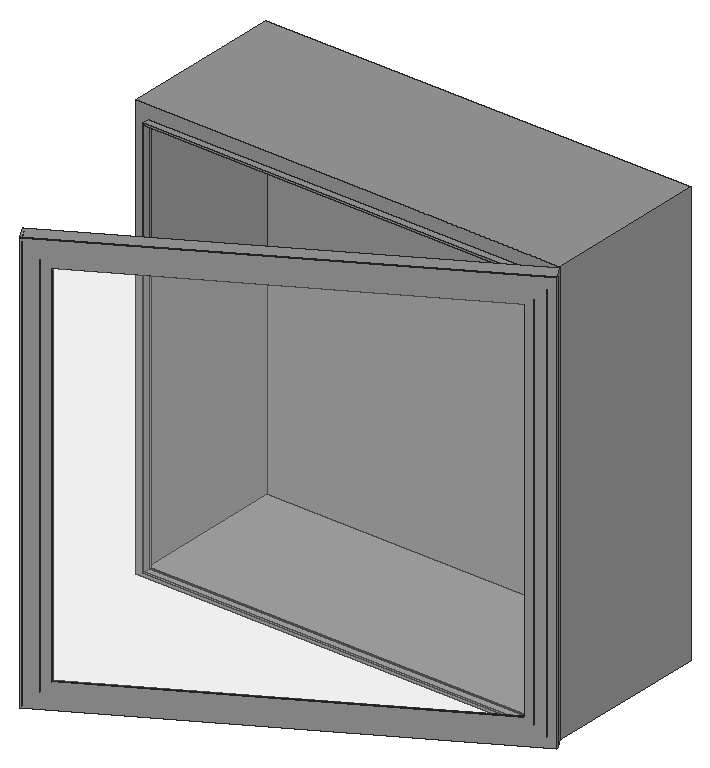
Revit family "Hager-Orion_Inox-IP66-D210-Cl.I-Inox_encl-630A-500mm-NoHosted-CH-fr", category Equipement électrique, Revit 2020
Family settings
  Configuration du panneau = Deux colonnes, circuits au sein
  Cote de connecteur circulaire = Utiliser le diamètre
  Type d'élément = Tableau de raccordement
  Basée sur le plan de construction = Oui
  Toujours verticalement = Oui
  Couper avec des vides une fois chargée = Non
  Partagée = Non
  Point de calcul de pièce = Non
Parameters (values of type "saillie IP66 L500 H500 P210  - FL023TWL")
  Width Control [instance] = if([EF000008 - largeur] > Min Width, [EF000008 - largeur], Min Width)  # 500 mm
  Commentaires du type = [HG000003 - Gamme]  # "Orion Inox"
  Thickness Door [instance] = if([EF009171 - épaisseur de matériau de la porte/du couvercle] > 3 mm, 3 mm, [EF009171 - épaisseur de matériau de la porte/du couvercle])  # 1.5 mm
  Seal Frame Offset [instance] = 17 mm  # constant formula
  Min Width [instance] = 100 mm  # constant formula
  Min Depth [instance] = (2 * [EF009170 - épaisseur de matériau du boîtier]) + 1 mm  # 4 mm
  Min Height [instance] = 100 mm  # constant formula
  Internal Frame Depth [instance] = -(Door System Depth * 0.5)  # -9 mm
  Panel Name [instance] = ""  # (empty or 0)
  Model = ""
  HG000027 - Hauteur du socle = 0 mm
  HG000026 - Installation au sol = no
  HG000024 - Hauteur de la section basse = 600 mm
  HG000023 - Armoire double section = no
  HG000016 - Visibilité de la porte 3D [instance] = yes
  HG000015 - Visibilité de l'emprise de la porte [instance] = no
  HG000014 - Porte à droite [instance] = yes
  HG000013 - Porte à gauche [instance] = not([HG000014 - Porte à droite])  # no
  HG000012 - Angle de pivotement de la porte [instance] = 30.00°
  HG000010 - Portes asymétriques = no
  HG000009 - Porte à double battant = no
  HG000006 - Encastré = no
  HG000004 - Référence fabricant = "FL023TWL"
  HG000003 - Gamme = "Orion Inox"
  HG000002 - avec porte = yes
  Frame Offset Bottom [instance] = 10 mm  # constant formula
  Frame Offset [instance] = 15 mm  # constant formula
  EF015940 - couvercle avec décharge de pression = no
  EF011959 - degré de protection (NEMA) = ""
  EF009554 - nombre d'ouvertures pour plaques à bride = 0
  EF009212 - finition du couvercle = "EV000116 - fermé"
  EF009171 - épaisseur de matériau de la porte/du couvercle = 1.5 mm
  EF009170 - épaisseur de matériau du boîtier = 1.5 mm
  EF008873 - courant nominal (In) = 630 A
  EF007800 - adapté à un parafoudre = no
  EF006306 - avec serrure = yes
  EF006244 - couvercle/porte transparent(e) = yes
  EF005474 - indice de protection (IP) = "EV006422 - IP66"
  EF004464 - type de porte = "EV002646 - unique"
  EF004427 - nombre de modules = 0
  EF004293 - indice de protection contre les chocs (IK) = "EV006814 - IK08"
  EF003532 - convient pour utilisation à l’extérieur = yes
  EF002950 - largeur en nombre de modules = 0
  EF001613 - maintien de fonction = "EV000494 - sans"
  EF001596 - matériau du boîtier/corps = "EV000166 - acier inoxydable"
  EF001131 - profondeur intérieure = 176 mm
  EF001088 - possibilité de montage en saillie = yes
  EF000437 - nombre d'entrées de conduit = 0
  EF000339 - type de capot = "EV004216 - porte"
  EF000266 - nombre de rangées = 0
  EF000218 - profondeur d'encastrement = 0 mm
  EF000118 - avec cadre/support de montage = no
  EF000116 - numéro RAL = ""
  EF000049 - profondeur = 210 mm
  EF000040 - hauteur = 500 mm
  EF000008 - largeur = 500 mm
  EF000007 - couleur = "EV000154 - autre"
  EF000003 - mode de pose = "EV000384 - saillie"
  Door System Leaf Tolerance [instance] = 1.5 mm  # constant formula
  Door System Depth [instance] = 18 mm  # constant formula
  Description = ""
  Default Elevation = 1219.2 mm
  Connector Offset [instance] = Height Control / 2  # 250 mm
  Fabricant = "Hager"  # constant formula
  Height Control [instance] = if([EF000040 - hauteur] > Min Height, [EF000040 - hauteur], Min Height)  # 500 mm
  Depth Control [instance] = if([EF000049 - profondeur] > Min Depth, [EF000049 - profondeur], Min Depth)  # 210 mm
Types (8, lengths in mm): name | Width Control | HG000004 - Référence fabricant | EF009212 - finition du couvercle | EF006306 - avec serrure | EF006244 - couvercle/porte transparent(e) | EF004293 - indice de protection contre les chocs (IK) | EF001613 - maintien de fonction | EF000008 - largeur
  saillie IP66 L400 H500 P210  - FL021BW | 400 | "FL021BW" | "EV009916 - avec échancrure" | no | no | "EV008784 - IK10" | "" | 400
  saillie IP66 L400 H500 P210  - FL021BWL | 400 | "FL021BWL" | "EV009916 - avec échancrure" | no | no | "EV008784 - IK10" | "" | 400
  saillie IP66 L400 H500 P210  - FL021TW | 400 | "FL021TW" | "EV000116 - fermé" | yes | yes | "EV006814 - IK08" | "EV000494 - sans" | 400
  saillie IP66 L400 H500 P210  - FL021TWL | 400 | "FL021TWL" | "EV000116 - fermé" | yes | yes | "EV006814 - IK08" | "EV000494 - sans" | 400
  saillie IP66 L500 H500 P210  - FL023BW | 500 | "FL023BW" | "EV000116 - fermé" | yes | no | "EV008784 - IK10" | "EV000494 - sans" | 500
  saillie IP66 L500 H500 P210  - FL023BWL | 500 | "FL023BWL" | "EV000116 - fermé" | yes | no | "EV008784 - IK10" | "EV000494 - sans" | 500
  saillie IP66 L500 H500 P210  - FL023TW | 500 | "FL023TW" | "EV000116 - fermé" | yes | yes | "EV006814 - IK08" | "EV000494 - sans" | 500
  saillie IP66 L500 H500 P210  - FL023TWL | 500 | "FL023TWL" | "EV000116 - fermé" | yes | yes | "EV006814 - IK08" | "EV000494 - sans" | 500
Reference planes
  plane 1 "Center (Front/Back)": y = 0
  plane 2: z = 0
  plane 3 "Center (Left/Right)": x = 0
  plane 4: y = 0
  plane 5: y = 0
  plane 6: z = 0
  plane 7: x = -250
  plane 8: x = 250
  plane 9: x = 248.5
  plane 10: x = -248.5
  plane 11: z = 0
  plane 12: z = 1.5
  plane 13: y = -210
  plane 14: y = -1.5
  plane 15: x = 0
  plane 16: y = -192
  plane 17: y = -208.5
  plane 18: y = -190.5
  plane 19: x = -233.5
  plane 20: x = 233.5
  plane 21: z = 11.5
  plane 22: x = -233
  plane 23: x = 233
  plane 24: z = 0
  plane 25: z = 500
  plane 26: z = 500
  plane 27: z = 483.5
  plane 28: z = 498.5
Forms (mm)
  Extrusion 1, solid, material "Hager_Stainless_Steel", detail levels medium+fine
    sketch origin (-208.679, -4572, 0) x (-1, 0, 0) y (0, -1, 0)
      loop
        line (41.321, -4380) -> (-458.679, -4380) -> (-458.679, -4572) -> (41.321, -4572) -> (41.321, -4380)
    from 0 to 500
  Extrusion 2, void
    sketch origin (-350.771, -210, 1219.2) x (1, 0, 0) y (0, 0, 1)
      loop
        line (102.271, -720.7) -> (102.271, -1217.7) -> (599.271, -1217.7) -> (599.271, -720.7) -> (102.271, -720.7)
    from -19.5 to -208.5
  Extrusion 3, void
    sketch origin (-290.084, -192, 1219.2) x (1, 0, 0) y (0, 0, 1)
      loop
        line (56.584, -1207.7) -> (523.584, -1207.7) -> (523.584, -735.7) -> (56.584, -735.7) -> (56.584, -1207.7)
    from 0 to -1.5
  Extrusion 4, solid, material "Hager_Stainless_Steel", detail levels fine
    sketch origin (-290.084, -192, 1219.2) x (-1, 0, 0) y (0, 0, 1)
      loop
        line (-523.584, -1207.7) -> (-56.584, -1207.7) -> (-56.584, -735.7) -> (-523.584, -735.7) -> (-523.584, -1207.7)
      loop
        line (-525.084, -1209.2) -> (-55.084, -1209.2) -> (-55.084, -734.2) -> (-525.084, -734.2) -> (-525.084, -1209.2)
    from 0 to -9 <- "Internal Frame Depth"
  Extrusion 5, solid, material "Hager_Stainless_Steel", detail levels coarse
    sketch origin (0, 0, 0) x (1, 0, 0) y (0, 1, 0)
      loop
        line (-250, 0) -> (-250, -210) -> (250, -210) -> (250, 0) -> (-250, 0)
    from 0 to 500 <- "Height Control"
Cuts and joins
  Extrusion 2, Extrusion 3 cuts Extrusion 1
Lines and regions (mm)
  Masking region 1
    outline origin (0, 0, 0) x (1, 0, 0) y (0, 1, 0)
      loop
        line (-250, 0) -> (-250, -210) -> (250, -210) -> (250, 0) -> (-250, 0)
  Masking region 2
    outline origin (-290.084, -192, 1219.2) x (-1, 0, 0) y (0, 0, 1)
      loop
        line (-540.084, -1219.2) -> (-40.084, -1219.2) -> (-40.084, -719.2) -> (-540.084, -719.2) -> (-540.084, -1219.2)
  Masking region 3, detail levels coarse
    outline origin (0, 0, 0) x (0, 1, 0) y (0, 0, 1)
      loop
        line (0, 0) -> (0, 500) -> (-210, 500) -> (-210, 0) -> (0, 0)
  Masking region 4, detail levels medium+fine
    outline origin (0, 0, 594.038) x (0, 1, 0) y (0, 0, 1)
      loop
        line (0, -594.038) -> (0, -94.038) -> (-192, -94.038) -> (-192, -594.038) -> (0, -594.038)
Dimensions and locks
  locked: plane 1 "Center (Front/Back)" to plane 5
  "EF009170 - épaisseur de matériau du boîtier": plane 7 to plane 10
  "EF009170 - épaisseur de matériau du boîtier": plane 8 to plane 9
  equal spacing: plane 7, plane 3 "Center (Left/Right)", plane 8
  "Width Control": plane 7 to plane 8
  "Depth Control": plane 4 to plane 13
  "EF009170 - épaisseur de matériau du boîtier": plane 4 to plane 14
  "Height Control": plane 25 to level
  "EF009170 - épaisseur de matériau du boîtier": plane 12 to plane 11
  "EF009170 - épaisseur de matériau du boîtier": plane 17 to plane 13
  "EF009170 - épaisseur de matériau du boîtier": plane 18 to plane 16
  "Frame Offset Bottom": plane 21 to plane 12
  "Frame Offset": plane 10 to plane 19
  "Frame Offset": plane 9 to plane 20
  "Door System Depth": plane 16 to plane 13
  "Seal Frame Offset": plane 7 to plane 22
  "Seal Frame Offset": plane 8 to plane 23
  "EF009170 - épaisseur de matériau du boîtier": plane 26 to plane 28
  "Frame Offset": plane 28 to plane 27
  "Connector Offset": plane 2 to connector elem
  "Thickness Door": cut or joined group of Extrusion 1, Extrusion 2, Extrusion 3 to Extrusion 4 sketch curve
  "Thickness Door": Extrusion 4 sketch curve to plane 19
  "Thickness Door": Extrusion 4 sketch curve to plane 20
  "Thickness Door": Extrusion 4 sketch curve to plane 27
  aligned and locked: Extrusion 2 sketch curve to plane 12
  aligned and locked: Extrusion 2 sketch curve to plane 9
  aligned and locked: Extrusion 2 sketch curve to plane 10
  aligned and locked: plane 14 to Extrusion 2
  aligned and locked: plane 4 to Extrusion 1 sketch curve
  aligned and locked: plane 8 to Extrusion 1 sketch curve
  aligned and locked: plane 7 to Extrusion 1 sketch curve
  aligned and locked: Extrusion 2 to plane 18
  aligned and locked: plane 19 to Extrusion 3 sketch curve
  aligned and locked: plane 20 to Extrusion 3 sketch curve
  aligned and locked: Extrusion 3 to Extrusion 2
  aligned and locked: Extrusion 3 sketch curve to plane 21
  aligned and locked: plane 3 "Center (Left/Right)" to nested 1
  aligned and locked: Extrusion 1 sketch curve to plane 16
  aligned and locked: Masking region 1 sketch curve to plane 7
  aligned and locked: Masking region 1 sketch curve to plane 5
  aligned and locked: Masking region 1 sketch curve to plane 8
  aligned and locked: Masking region 2 sketch curve to level
  aligned and locked: level to Masking region 3 sketch curve
  aligned and locked: plane 1 "Center (Front/Back)" to Masking region 3 sketch curve
  aligned and locked: plane 13 to Masking region 3 sketch curve
  aligned and locked: Masking region 2 sketch curve to plane 8
  aligned and locked: Masking region 2 sketch curve to plane 7
  aligned and locked: plane 7 to nested 2
  aligned and locked: nested 2 to plane 5
  aligned and locked: plane 5 to Masking region 4 sketch curve
  aligned and locked: plane 26 to Masking region 4 sketch curve
  aligned and locked: Extrusion 5 sketch curve to plane 8
  aligned and locked: Extrusion 5 sketch curve to plane 7
  aligned and locked: Extrusion 5 sketch curve to plane 5
  aligned and locked: Extrusion 3 sketch curve to plane 27
  aligned and locked: Extrusion 2 sketch curve to plane 28
  aligned and locked: Extrusion 4 sketch curve to plane 27
  aligned and locked: Extrusion 4 sketch curve to plane 20
  aligned and locked: Extrusion 4 sketch curve to plane 21
  aligned and locked: Extrusion 4 sketch curve to plane 19
  aligned and locked: Masking region 2 to plane 25
  aligned and locked: Masking region 4 sketch curve to plane 24
  aligned and locked: Masking region 1 to plane 13
  aligned and locked: nested 1 to plane 16
  aligned and locked: Masking region 3 to plane 25
  aligned and locked: Masking region 4 sketch curve to plane 16
  aligned and locked: plane 24 to plane 11
  aligned and locked: plane 26 to plane 25
  aligned and locked: level to plane 24
  aligned and locked: Extrusion 1 to Masking region 3
  aligned and locked: level to nested 1
Automatic sketch dimensions
  Extrusion 5 sketch curve to plane 13 = 0 mm
  plane 27 to Masking region 2 sketch curve = 16.5 mm
  plane 27 to Masking region 3 sketch curve = 16.5 mm
  Masking region 1 sketch curve to plane 13 = 0 mm
  Extrusion 3 sketch curve to plane 21 = 0 mm
  plane 19 to Extrusion 3 sketch curve = 0 mm
  Extrusion 3 sketch curve to plane 20 = 0 mm
Nested families
  nested 1: "EC000058_OrionInox_Door" at (0, -192, 0), Double <- "HG000009 - Porte à double battant", Transparent <- "EF006244 - couvercle/porte transparent(e)", Angle <- "HG000012 - Angle de pivotement de la porte", Door_Right <- "HG000014 - Porte à droite", Assymetrical <- "HG000010 - Portes asymétriques", Door <- "HG000002 - avec porte", Width_Ctrl <- "Width Control", 3d_Door <- "HG000016 - Visibilité de la porte 3D", Clearance <- "HG000015 - Visibilité de l'emprise de la porte", Door_Left <- "HG000013 - Porte à gauche", Width <- "Width Control", Door_Depth <- "Door System Depth", Leaf_Tolerance <- "Door System Leaf Tolerance", Height <- "Height Control", Thickness <- "Thickness Door", type "EC000058_OrionInox_Door", detail levels medium+fine
    with min_wh 4 mm, Width_Ctrl 500 mm, Width 500 mm, Transparent yes, Thickness 1.5 mm, Seal_Material Hager_Rubber, Leaf_Width 500 mm, Leaf_Tolerance_External_Sides 0 mm, Leaf_Tolerance 1.5 mm, Leaf_Offset 0 mm, Leaf_Height 497 mm, Leaf_2_Width 500 mm, Leaf_2_Offset 250 mm, Leaf_1_Width 500 mm, Leaf_1_Offset 250 mm, Height_Ctrl 500 mm, Height 500 mm, Glass_Material Hager_Glass, Double_Clearance_Ctrl no, Double no, Door_Right_Ctrl yes, Door_Right yes, Door_Material Hager_Stainless_Steel, Door_Left_Ctrl no, Door_Left no, Door_Depth 18 mm, Door yes, Clearance_Material Hager_Clearance, Clearance_Depth 500 mm, Clearance_Ctrl no, Clearance no, Assymetrical no, Angle 30.00°, 3d_Door yes
  nested 2: "Hager_Enclosure_Symbol" at (-250, 0, 0), Height <- "Depth Control", Width <- "Width Control", type "Hager_Enclosure_Symbol"
    with Width_Ctrl 500 mm, Width 500 mm, Height_Ctrl 210 mm, Height 210 mm, A_Width_Int 13.781 mm, A_Width 165.375 mm, A_Height_Ctrl 183.75 mm, A_Height 183.75 mm
Connectors
  electrical at (0, 0, 250)
    settings: on plane 1 "Center (Front/Back)", index 1, voltage 0 V, apparent load 0 VA, apparent load phase1 0 VA, apparent load phase2 0 VA, apparent load phase3 0 VA, power factor 1, load classification "Other", number of poles 1, system type 30, power factor state 1, is connector primary yes, connector utility no, sub classification motor no, connector description ""
Definition of nested family "EC000058_OrionInox_Door"
  Parameters (values of type "EC000058_OrionInox_Door")
    min_wh [instance] = (2 * Thickness) + 1 mm  # 11 mm
    Width_Ctrl [instance] = 400 mm
    Width [instance] = 500 mm
    Transparent [instance] = yes
    Thickness [instance] = 5 mm
    Seal_Material [instance] = none
    Leaf_Width [instance] = if((Width_Ctrl - 2 * Leaf_Tolerance_External_Sides) > 0 mm, (Width_Ctrl - 2 * Leaf_Tolerance_External_Sides), min_wh)  # 400 mm
    Leaf_Tolerance_External_Sides [instance] = 0 mm  # constant formula
    Leaf_Tolerance [instance] = 1.5 mm
    Leaf_Offset [instance] = 0 mm  # constant formula
    Leaf_Height [instance] = if((Height_Ctrl - 2 * Leaf_Tolerance) > 0 mm, (Height_Ctrl - 2 * Leaf_Tolerance), min_wh)  # 497 mm
    Leaf_2_Width [instance] = if(and(and(Double, Assymetrical), Door_Left), (Leaf_Width / 3) - (Leaf_Tolerance / 2), if(and(and(Double, Assymetrical), Door_Right), (Leaf_Width / 3) * 2 - (Leaf_Tolerance / 2), if(and(Double, not(Assymetrical)), (Leaf_Width / 2) - Leaf_Tolerance, Leaf_Width)))  # 400 mm
    Leaf_2_Offset [instance] = if(and(Double, Assymetrical), Leaf_2_Width / 2, if(and(Double, not(Assymetrical)), Leaf_Width / 4, Leaf_Width / 2))  # 200 mm
    Leaf_1_Width [instance] = if(and(and(Double, Assymetrical), Door_Right), (Leaf_Width / 3) - (Leaf_Tolerance / 2), if(and(and(Double, Assymetrical), Door_Left), (Width / 3) * 2 - (Leaf_Tolerance / 2), if(and(Double, not(Assymetrical)), (Leaf_Width / 2) - Leaf_Tolerance, Leaf_Width)))  # 400 mm
    Leaf_1_Offset [instance] = if(and(Double, Assymetrical), Leaf_1_Width / 2, if(and(Double, not(Assymetrical)), Leaf_Width / 4, Leaf_Width / 2))  # 200 mm
    Height_Ctrl [instance] = if(Height > min_wh, Height, min_wh)  # 500 mm
    Height [instance] = 500 mm
    Glass_Material [instance] = none
    Double_Clearance_Ctrl [instance] = and(Double, Clearance)  # no
    Double [instance] = no
    Door_Right_Ctrl [instance] = and(or(Door_Right, Double), Door)  # yes
    Door_Right [instance] = yes
    Door_Material [instance] = none
    Door_Left_Ctrl [instance] = and(or(Door_Left, Double), Door)  # no
    Door_Left [instance] = no
    Door_Depth [instance] = 30 mm
    Door [instance] = yes
    Default Elevation = 1219.2 mm
    Clearance_Material [instance] = none
    Clearance_Depth [instance] = if(Leaf_1_Width > Leaf_2_Width, Leaf_1_Width, Leaf_2_Width)  # 400 mm
    Clearance_Ctrl [instance] = and(not(Double), Clearance)  # yes
    Clearance [instance] = yes
    Assymetrical [instance] = yes
    Angle [instance] = 30.00°
    3d_Door [instance] = yes
  Reference planes
    plane 1 "Center (Front/Back)": y = 0
    plane 2 "Bottom": z = 0
    plane 3 "Center (Left/Right)": x = 0
    plane 4: z = 500
    plane 5: x = -200
    plane 6: x = 200
    plane 7: z = 500
    plane 8: x = -200
    plane 9: z = 0
    plane 10: x = 200
    plane 11: y = 0
    plane 12: z = 1.5
    plane 13: x = -600
    plane 14: y = -400
    plane 15: x = 600
    plane 16: x = 0
    plane 17: x = 0
    plane 18: x = -200
    plane 19: x = 200
    plane 20: z = 498.5
  Forms (mm)
    Extrusion 1, solid, material <- "Clearance_Material", visible <- "Double_Clearance_Ctrl"
      sketch origin (1200, 0, 0) x (1, 0, 0) y (0, 0, -1)
        loop
          line (-1800, -498.5) -> (-600, -498.5) -> (-600, 0) -> (-1800, 0) -> (-1800, -498.5)
      from 0 to -400
  Dimensions and locks
    equal spacing: plane 5, plane 3 "Center (Left/Right)", plane 6
    "Width_Ctrl": plane 5 to plane 6
    "Leaf_Offset": plane 5 to plane 8
    "Leaf_Offset": plane 6 to plane 10
    "Leaf_Offset": plane 9 to level
    "Leaf_Offset": plane 4 to plane 7
    "Height_Ctrl": plane 4 to level
    "Leaf_Tolerance": plane 12 to plane 9
    locked: plane 11 to plane 1 "Center (Front/Back)"
    "Leaf_1_Offset": plane 18 to plane 16
    "Leaf_2_Offset": plane 17 to plane 19
    "Leaf_1_Width": plane 13 to plane 8
    "Leaf_2_Width": plane 10 to plane 15
    "Clearance_Depth": plane 14 to plane 1 "Center (Front/Back)"
    "Leaf_Tolerance_External_Sides": plane 8 to plane 18
    "Leaf_Tolerance_External_Sides": plane 19 to plane 10
    "Leaf_Tolerance": plane 7 to plane 20
    aligned and locked: level to plane 2 "Bottom"
    aligned and locked: nested 1 to plane 16
    aligned and locked: nested 2 to plane 17
    aligned and locked: Extrusion 1 to plane 13
    aligned and locked: plane 15 to Extrusion 1
    aligned and locked: Extrusion 1 to plane 14
    aligned and locked: plane 12 to nested 1
    aligned and locked: nested 2 to plane 12
    aligned and locked: Extrusion 1 to plane 11
    aligned and locked: plane 20 to Extrusion 1
    aligned and locked: nested 2 to plane 11
    aligned and locked: nested 1 to plane 11
  Automatic sketch dimensions
    Extrusion 1 sketch curve to level = 0 mm
    plane 5 to Extrusion 1 sketch curve = 400 mm
    plane 6 to Extrusion 1 sketch curve = 400 mm
    Extrusion 1 sketch curve to plane 4 = 1.5 mm
  Nested families
    nested 1: "EC000058_OrionInox_Door_Leaf" at (0, 0, 1.5), Width <- "Leaf_1_Width", visible <- "Door_Left_Ctrl", Leaf_Height <- "Leaf_Height", Angle <- "Angle", 3d_Door <- "3d_Door", Transparent <- "Transparent", Clearance Material <- "Clearance_Material", Clearance <- "Clearance_Ctrl", Door_Material <- "Door_Material", Glass_Material <- "Glass_Material", Door_Depth <- "Door_Depth", Seal_Material <- "Seal_Material", Thickness <- "Thickness", type "EC000058_OrionInox_Door_Leaf"
      with Width 400 mm, Transparent_Ctrl yes, Transparent yes, Thickness 5 mm, Standard no, Seal_Material none, Seal_D2 8 mm, Seal_D1 1 mm, Offset_Internal_Frame 10 mm, Lock_Width 28 mm, Lock_Thickness 2 mm, Lock_Radius 6 mm, Leaf_Height 497 mm, Internal_Seal_Thickness 8 mm, Internal_Seal_Depth_2 4.5 mm, Internal_Frame_Depth 25 mm, Glass_Thickness -1 mm, Glass_Offset -2 mm, Glass_Material none, Door_Material none, Door_Depth 30 mm, Clearance Material none, Clearance yes, Angle_Ctrl 30.00°, Angle 30.00°, 3d_Door yes
    nested 2: "EC000058_OrionInox_Door_Leaf" at (0, 0, 1.5) x (-1, 0, 0) z (0, 0, 1), Width <- "Leaf_2_Width", visible <- "Door_Right_Ctrl", Leaf_Height <- "Leaf_Height", Angle <- "Angle", 3d_Door <- "3d_Door", Transparent <- "Transparent", Clearance Material <- "Clearance_Material", Clearance <- "Clearance_Ctrl", Door_Material <- "Door_Material", Glass_Material <- "Glass_Material", Door_Depth <- "Door_Depth", Seal_Material <- "Seal_Material", Thickness <- "Thickness", type "EC000058_OrionInox_Door_Leaf"
      with Width 400 mm, Transparent_Ctrl yes, Transparent yes, Thickness 5 mm, Standard no, Seal_Material none, Seal_D2 8 mm, Seal_D1 1 mm, Offset_Internal_Frame 10 mm, Lock_Width 28 mm, Lock_Thickness 2 mm, Lock_Radius 6 mm, Leaf_Height 497 mm, Internal_Seal_Thickness 8 mm, Internal_Seal_Depth_2 4.5 mm, Internal_Frame_Depth 25 mm, Glass_Thickness -1 mm, Glass_Offset -2 mm, Glass_Material none, Door_Material none, Door_Depth 30 mm, Clearance Material none, Clearance yes, Angle_Ctrl 30.00°, Angle 30.00°, 3d_Door yes
  Definition of nested family "EC000058_OrionInox_Door_Leaf"
    Parameters (values of type "EC000058_OrionInox_Door_Leaf")
      Width [instance] = 450 mm
      Transparent_Ctrl [instance] = and(Transparent, [3d_Door])  # yes
      Transparent [instance] = yes
      Thickness [instance] = 5 mm
      Standard [instance] = and(not(Transparent), [3d_Door])  # no
      Seal_Material [instance] = none
      Seal_D2 [instance] = 8 mm  # constant formula
      Seal_D1 [instance] = 1 mm  # constant formula
      Offset_Internal_Frame [instance] = 10 mm  # constant formula
      Lock_Width [instance] = Door_Depth - Lock_Thickness  # 28 mm
      Lock_Thickness [instance] = 2 mm  # constant formula
      Lock_Radius [instance] = 6 mm  # constant formula
      Leaf_Height [instance] = 450 mm
      Internal_Seal_Thickness [instance] = 8 mm  # constant formula
      Internal_Seal_Depth_2 [instance] = 4.5 mm  # constant formula
      Internal_Frame_Depth [instance] = if(Door_Depth - Thickness > 5 mm, Door_Depth - Thickness, 5 mm)  # 25 mm
      Glass_Thickness [instance] = if(Thickness > 15 mm, Glass_Offset + 10 mm, -1 mm)  # -1 mm
      Glass_Offset [instance] = if(Thickness > 15 mm, -(Thickness + 10 mm) / 2, -2 mm)  # -2 mm
      Glass_Material [instance] = none
      Door_Material [instance] = none
      Door_Depth [instance] = 30 mm
      Default Elevation = 0 mm
      Clearance Material [instance] = none
      Clearance [instance] = yes
      Angle_Ctrl [instance] = if(Angle > 180.00°, 180.00°, Angle)  # 90.00°
      Angle [instance] = 90.00°
      3d_Door [instance] = yes
    Reference planes
      plane 1 "Center (Front/Back)": y = 0
      plane 2: z = 0
      plane 3 "Center (Left/Right)": x = 0
      plane 4: y = 450
      plane 5: x = -225
      plane 6: x = 225
      plane 7: x = -675
      plane 8: z = 450
      plane 9: z = 30
      plane 10: z = 420
      plane 11: x = 195
      plane 12: x = -195
      plane 13: y = -3
      plane 14: z = 107.833
      plane 15: y = -5
      plane 16: y = -223.314
      plane 17: x = -225
      plane 18: y = 30
    Forms (mm)
      Extrusion 1, solid, material <- "Clearance Material", visible <- "Clearance"
        sketch origin (0, 0, 0) x (1, 0, 0) y (0, 0, 1)
          loop
            line (-675, 450) -> (-675, 0) -> (225, 0) -> (225, 450) -> (-675, 450)
        from 0 to -450
      Extrusion 2, solid, material <- "Door_Material", visible <- "Standard", detail levels medium+fine
        sketch origin (-225, 0, 0) x (0, 1, 0) y (-1, 0, 0)
          loop
            line (0, 30) -> (0, 25) -> (450, 25) -> (450, 30) -> (0, 30)
        from 0 to 450 <- "Leaf_Height"
      Extrusion 3, solid, material <- "Door_Material", visible <- "Transparent_Ctrl", detail levels medium+fine
        sketch origin (-225, 0, 0) x (0, 1, 0) y (-1, 0, 0)
          loop
            line (0, 25) -> (450, 25) -> (450, 30) -> (0, 30) -> (0, 25)
        from 0 to 450 <- "Leaf_Height"
      Extrusion 4, void
        sketch origin (-250, 450, 0) x (0, 1, 0) y (0, 0, -1)
          loop
            line (-30, -420) -> (-30, -30) -> (-420, -30) -> (-420, -420) -> (-30, -420)
        from 0 to 5 <- "Thickness"
      Sweep 5, solid, material <- "Seal_Material", visible <- "Transparent_Ctrl", detail levels fine
        path in 3D
          loop
            line (-250, 30, 30) -> (-250, 30, 420) -> (-250, 420, 420) -> (-250, 420, 30) -> (-250, 30, 30)
        profile origin (-250, 225, 30) x (1, 0, 0) y (0, 0, 1)
          loop
            line (0, 0) -> (0, -8) -> (1, -8) -> (1, 0) -> (0, 0)
      Extrusion 6, solid, material <- "Glass_Material", visible <- "Transparent_Ctrl", detail levels medium+fine
        sketch origin (-255, 0, 0) x (0, 1, 0) y (0, 0, -1)
          loop
            line (420, -420) -> (420, -30) -> (30, -30) -> (30, -420) -> (420, -420)
        from -2 <- "Glass_Offset" to -1 <- "Glass_Thickness"
      Extrusion 7, solid, material <- "Door_Material", visible <- "3d_Door", detail levels medium+fine
        sketch origin (-250, 450, 0) x (0, -1, 0) y (0, 0, -1)
          loop
            line (0, -450) -> (450, -450) -> (450, 0) -> (0, 0) -> (0, -450)
          loop
            line (445, -5) -> (5, -5) -> (5, -445) -> (445, -445) -> (445, -5)
        from 0 to 25 <- "Internal_Frame_Depth"
      Sweep 8, solid, material <- "Seal_Material", visible <- "Transparent_Ctrl", detail levels fine
        path in 3D
          loop
            line (-250, 0, 0) -> (-250, 450, 0) -> (-250, 450, 450) -> (-250, 0, 450) -> (-250, 0, 0)
        profile origin (-250, 0, 225) x (1, 0, 0) y (0, 1, 0)
          loop
            line (0, 10) -> (2.975, 10)
            arc (2.975, 10) -> (4.053, 10.447) -> (4.5, 11.525) r 1.525
            line (4.5, 11.525) -> (4.5, 16.527)
            arc (4.5, 16.527) -> (4.069, 17.569) -> (3.027, 18) r 1.473
            line (3.027, 18) -> (0, 18) -> (0, 10)
    Cuts and joins
      Extrusion 4 cuts Extrusion 3
    Lines and regions (mm)
      Masking region 1, detail levels medium+fine
        outline origin (0, 0, 0) x (0, 1, 0) y (0, 0, 1)
          loop
            line (0, 0) -> (30, 0) -> (30, 450) -> (0, 450) -> (0, 0)
      Masking region 2, detail levels medium+fine
        outline origin (0, 0, 0) x (1, 0, 0) y (0, 0, 1)
          loop
            line (-225, 450) -> (-225, 0) -> (225, 0) -> (225, 450) -> (-225, 450)
      symbolic lines
        curve 1: line (225, 0, 0) -> (-675, 0, 0)
        curve 2: arc (225, 0, 0) -> (-225, 450, 0) -> (-675, 0, 0) r 450
        curve 4: line (-255, 0, 0) -> (-255, 450, 0)
      reference lines
        curve 3: line (-225, 0, 0) -> (-225, 450, 0)
      symbolic lines, detail levels medium+fine
        curve 5: line (-255, 450, 0) -> (-250, 450, 0)
        curve 7: line (-250, 0, 0) -> (-255, 0, 0)
        curve 8: line (-250, 0, 0) -> (-225, 0, 0)
        curve 9: line (-225, 0, 0) -> (-225, 450, 0)
        curve 10: line (-225, 450, 0) -> (-250, 450, 0)
      symbolic lines, detail levels fine
        curve 6: line (-250, 450, 0) -> (-250, 0, 0)
      sketch lines
        curve 11: line (-250, 0, 450) -> (-250, 0, 0)
        curve 12: line (-250, 450, 0) -> (-250, 0, 0)
        curve 13: line (-250, 450, 450) -> (-250, 450, 0)
        curve 14: line (-250, 0, 450) -> (-250, 450, 450)
        curve 15: line (-250, 420, 30) -> (-250, 30, 30)
        curve 16: line (-250, 30, 30) -> (-250, 30, 420)
        curve 17: line (-250, 420, 420) -> (-250, 420, 30)
        curve 18: line (-250, 30, 420) -> (-250, 420, 420)
      symbolic lines, visible <- "Transparent", detail levels medium+fine
        curve 19: line (-195, 0, 420) -> (195, 0, 420)
        curve 20: line (-195, 0, 30) -> (-195, 0, 420)
        curve 21: line (195, 0, 30) -> (-195, 0, 30)
        curve 22: line (195, 0, 420) -> (195, 0, 30)
    Dimensions and locks
      "Width": plane 1 "Center (Front/Back)" to plane 4
      equal spacing: plane 5, plane 3 "Center (Left/Right)", plane 6
      "Width": plane 5 to plane 6
      "Width": plane 7 to plane 5
      "Leaf_Height": plane 8 to level
      "Width": curve 5 to curve 3
      "Width": curve 3 to curve 3
      plane 8 to plane 10 = 30 mm
      plane 9 to level = 30 mm
      plane 12 to plane 5 = 30 mm
      plane 6 to plane 11 = 30 mm
      Extrusion 4 sketch curve to Extrusion 3 = 30 mm
      Extrusion 3 to Extrusion 4 sketch curve = 30 mm
      Extrusion 1 to Extrusion 4 sketch curve = 30 mm
      curve 3 to Extrusion 4 sketch curve = 30 mm
      Extrusion 4 sketch curve to cut or joined group of Extrusion 3, Extrusion 4 = 30 mm
      cut or joined group of Extrusion 3, Extrusion 4 to Extrusion 6 sketch curve = 30 mm
      cut or joined group of Extrusion 3, Extrusion 4 to Extrusion 4 sketch curve = 30 mm
      "Thickness": curve 6 to curve 4
      "Thickness": Extrusion 7 sketch curve to Extrusion 7 sketch curve  (x4)
      "Door_Depth": curve 4 to curve 3
      "Offset_Internal_Frame": profile plane to Sweep 8 sketch curve
      "Internal_Seal_Thickness": Sweep 8 sketch curve to Sweep 8 sketch curve
      "Internal_Seal_Depth_2": profile plane to Sweep 8 sketch curve
      "Seal_D1": profile plane to Sweep 5 sketch curve
      "Seal_D2": profile plane to Sweep 5 sketch curve
      "Thickness": Extrusion 2 sketch curve to Extrusion 2 sketch curve
      "Door_Depth": plane 18 to plane 1 "Center (Front/Back)"
      radius of Sweep 8 sketch curve = 1.525 mm
      radius of Sweep 8 sketch curve = 1.473 mm
      "Angle_Ctrl": angle plane 1 "Center (Front/Back)" to curve 3
      aligned and locked: level to plane 2
      aligned and locked: Extrusion 1 to curve 1
      aligned and locked: plane 6 to Extrusion 1
      aligned and locked: plane 1 "Center (Front/Back)" to Extrusion 1
      aligned and locked: plane 4 to Extrusion 1
      aligned and locked: plane 8 to Extrusion 1
      aligned and locked: curve 7 to Extrusion 2 sketch curve
      aligned and locked: curve 5 to Extrusion 2 sketch curve
      aligned and locked: curve 7 to Extrusion 3 sketch curve
      aligned and locked: Extrusion 3 sketch curve to curve 4
      aligned and locked: Extrusion 3 sketch curve to curve 6
      aligned and locked: Extrusion 3 sketch curve to curve 5
      aligned and locked: curve 9 to curve 3
      aligned and locked: Extrusion 7 sketch curve to cut or joined group of Extrusion 3, Extrusion 4  (x4)
      aligned and locked: plane 17 to curve 3
      aligned and locked: plane 1 "Center (Front/Back)" to curve 3
      aligned and locked: plane 17 to plane 5
      aligned and locked: Sweep 8 sketch curve to profile plane
      aligned and locked: Sweep 5 sketch curve to profile plane  (x2)
      aligned and locked: plane 1 "Center (Front/Back)" to Masking region 1 sketch curve
      aligned and locked: plane 18 to Masking region 1 sketch curve
      aligned and locked: level to Masking region 1 sketch curve
      aligned and locked: Masking region 1 sketch curve to plane 8
      aligned and locked: plane 17 to Masking region 2 sketch curve
      aligned and locked: level to Masking region 2 sketch curve
      aligned and locked: Masking region 2 sketch curve to plane 8
      aligned and locked: plane 12 to curve 20
      aligned and locked: plane 10 to curve 19
      aligned and locked: plane 11 to curve 22
      aligned and locked: plane 9 to curve 21
      aligned and locked: Extrusion 2 sketch curve to cut or joined group of Extrusion 3, Extrusion 4
    Automatic sketch dimensions
      plane 1 "Center (Front/Back)" to curve 2 = 0 mm
      curve 2 to plane 5 = 0 mm
      Extrusion 1 sketch curve to level = 0 mm
      Extrusion 1 sketch curve to plane 7 = 0 mm
      Extrusion 1 sketch curve to plane 6 = 0 mm
      Extrusion 1 sketch curve to plane 8 = 0 mm
      Extrusion 3 to Extrusion 6 sketch curve = 30 mm  (x4)
      Masking region 2 sketch curve to plane 6 = 0 mm
      curve 4 to curve 3 = 0 mm
Definition of nested family "Hager_Enclosure_Symbol"
  Parameters (values of type "Hager_Enclosure_Symbol")
    Width_Ctrl [instance] = if(Width > 1 mm, Width, 1 mm)  # 102.27 mm
    Width [instance] = 102.27 mm
    Height_Ctrl [instance] = if(Height > 1 mm, Height, 1 mm)  # 66.5 mm
    A_Width_Int [instance] = if(A_Width / 12 > 2 mm, A_Width / 12, 2 mm)  # 4.364 mm
    A_Width [instance] = if(A_Height_Ctrl * 0.9 > 2 mm, A_Height_Ctrl * 0.9, 2 mm)  # 52.369 mm
    A_Height_Ctrl [instance] = if(A_Height > 2 mm, A_Height, 2 mm)  # 58.188 mm
    Height [instance] = 66.5 mm
    A_Height [instance] = Height - (Height / 8)  # 58.188 mm
  Reference planes
    plane 1 "Centre (avant/arrière)": y = 0
    plane 2: z = 0
    plane 3 "Centre (gauche/droite)": x = 0
    plane 4: x = 52.369
    plane 5: y = 33.042
    plane 6: y = 41.77
    plane 7: y = 66.5
    plane 8: x = 26.184
    plane 9: y = 37.406
    plane 10: x = 102.27
    plane 11: y = 66.5
    plane 12: y = 8.313
  Lines and regions (mm)
    Filled region 1, type "Solid_Black", in view "Niveau de réf."
      outline origin (0, 0, 0) x (1, 0, 0) y (0, 1, 0)
        loop
          line (52.369, 66.5) -> (33.188, 54.536) -> (45.365, 45.006) -> (52.369, 66.5)
    Filled region 2, type "Solid_Black", in view "Niveau de réf."
      outline origin (0, 0, 0) x (1, 0, 0) y (0, 1, 0)
        loop
          line (0, 0) -> (102.27, 0) -> (102.27, 66.5) -> (0, 0)
    detail lines, in view "Niveau de réf."
      curve 1: line (0, 8.313, 0) -> (26.184, 41.77, 0)
      curve 2: line (26.184, 41.77, 0) -> (26.184, 33.042, 0)
      curve 3: line (26.184, 33.042, 0) -> (52.369, 66.5, 0)
  Dimensions and locks
    "A_Width": plane 3 "Centre (gauche/droite)" to plane 4
    equal spacing: plane 3 "Centre (gauche/droite)", plane 8, plane 4
    equal spacing: plane 6, plane 9, plane 5
    equal spacing: curve 3, Filled region 1 sketch curve, Filled region 1 sketch curve
    "Height_Ctrl": plane 1 "Centre (avant/arrière)" to plane 11
    "A_Height_Ctrl": plane 11 to plane 12
    equal spacing: plane 11, plane 9, plane 12
    "A_Width_Int": plane 6 to plane 9
    "Width_Ctrl": plane 3 "Centre (gauche/droite)" to plane 10
    angle Filled region 1 sketch curve to curve 3 = 20.00°
    angle curve 3 to Filled region 1 sketch curve = 20.00°
    locked: curve 3 to Filled region 1 sketch curve (angle 90.00°)
    aligned and locked: plane 10 to Filled region 2
    aligned and locked: plane 11 to Filled region 2 sketch curve
    aligned and locked: plane 10 to Filled region 2 sketch curve
    aligned and locked: plane 3 "Centre (gauche/droite)" to curve 1
    aligned and locked: plane 12 to curve 1
    aligned and locked: plane 7 to plane 11
  Automatic sketch dimensions
    Filled region 1 sketch curve to plane 4 = 0 mm
    Filled region 1 sketch curve to plane 7 = 0 mm
    plane 1 "Centre (avant/arrière)" to Filled region 2 sketch curve = 0 mm
    Filled region 2 sketch curve to plane 3 "Centre (gauche/droite)" = 0 mm
    curve 2 to plane 6 = 0 mm
    curve 2 to plane 8 = 0 mm
    curve 3 to plane 4 = 0 mm
    curve 2 to plane 5 = 0 mm
    curve 3 to plane 7 = 0 mm
